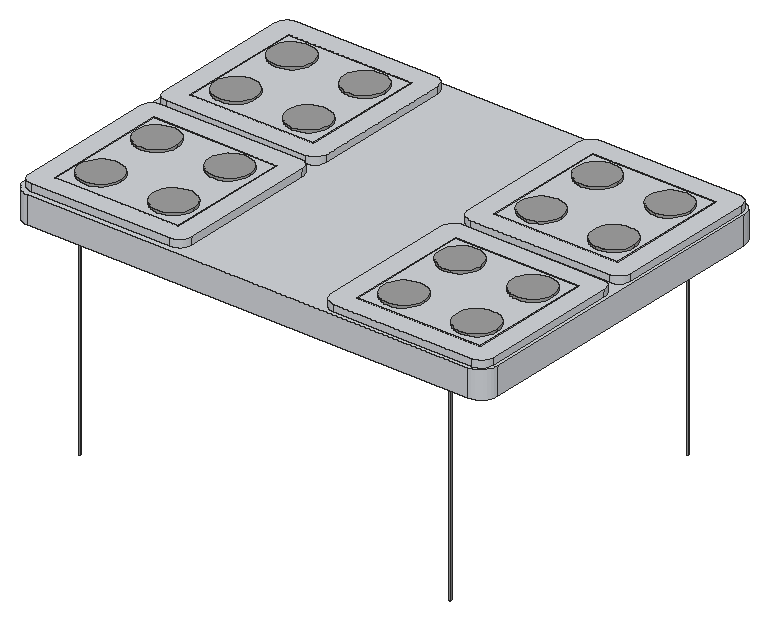
Revit family "Lighting-Industriale-GEWISS-SMART[4]HE_APPARECCHI-LED_EMERGENZA_4M", category Apparecchi per illuminazione, Revit 2019
Family settings
  Quota connettore circolare = Usa diametro
  Tipo di parte = Normale
  Numero OmniClass = 23.80.70.00
  Titolo OmniClass = Lighting
  Basato su piano di lavoro = Sì
  Sempre verticale = No
  Taglio con vuoti quando caricato = No
  Sorgente d'illuminazione = No
  Condiviso = No
  Punto di calcolo locali = No
Parameters (values of type "GWS4424AQ857 - SMART4HB 4M EMERG ELL.57K")
  Voltaggio = 230 V
  Viti esterne = "Acciaio inox"
  Versione file RFA = "20.11"
  Vano di alimentazione = "Integrato"
  URL = "https://www.gewiss.com/it/it"
  Tolleranza cromatica = "SDCM = 3"
  Tipologia sorgente luminosa = "LED - Non sostituibile"
  Tipo di installazione e montaggio = "Plafone - Sospensione"
  Tipo di apparecchio = "Riflettore industriale a LED"
  Tensione di alimentazione = "220 - 240 V"
  Temperatura di stoccaggio = "-40 +70 °C"
  Temperatura di esercizio = "0 ÷ +40 °C"
  Temperatura di colore = "5700K"
  Superficie massima esposta al vento : = "0,390 m²"
  Spostamento_y_etichetta [instance] = 0 mm
  Spostamento_y_effettivo_etichetta [instance] = 1500 mm - Spostamento_y_etichetta  # 1500 mm
  Spostamento_x_etichetta [instance] = 0 mm
  Spostamento_x_effettivo_etichetta [instance] = 1500 mm - Spostamento_x_etichetta  # 1500 mm
  SostituibilitÃ  piastra di cablaggio = "Solo batteria NiMh"
  SostituibilitÃ  gruppo ottico = "Non sostituibile"
  Sistema di controllo = "2 x DALI DT6 + 1 x DALI DT1 (Emerg. 3h)"
  Schermo = "Vetro Temprato Spessore 4mm"
  Scheda Tecnica = "https://www.gewiss.com/it/it/search?q=GWS4424AQ857"
  Resistenza al filo incandescente = "850 °C"
  Resistenza agli urti = "IK08"
  Produttore = "GEWISS S.p.A."
  Potenza assorbita : = "189 W (+5W Emerg.)"
  Peso (kg): = "15"
  Ottica = "Ellittica"
  Offset etichetta W [instance] = 150 mm
  Norma di riferimento = "EN 60598-2-22 ; EN 60598-1 ; EN 60598-2-24"
  Modello = "GWS4424AQ857"
  Materiali = "-"
  Lampada = "LED"
  Installazione e manutenzione = "-"
  Informazioni generali = "-"
  Indice di resa cromatica = "CRI-80"
  Inclinazione = "-"
  Immagine tipo = GWL1371.jpg
  IPEA = "-"
  IFC.TypeObject = ""
  IFC.ExportType = ""
  IFC.ExportAs = ""
  IDT = "1adfa9cf797d4895a1fab49bc89e804b"
  IDF = "a6214cc1-27ff-45b2-8af4-b6419296a538"
  Guarnizioni = "tipo siliconico antinvecchiamento "
  Gruppo ottico = "Riflettore in PC metallizzato e lenti in PMMA"
  Grado di protezione = "IP65"
  Garanzia = "5 anni"
  Gancio di chiusura = "-"
  Frequenza nominale (Hz) = "50/60 Hz"
  Flusso luminoso apparecchio (lm) = "25100 (750 Emerg.)"
  Fissaggio = "-"
  Finitura colore = "Grigio RAL 7035"
  Etichetta wattaggio [instance] = yes
  Spessore plafoniera = 40 mm  # constant formula
  Default Elevation = 1219.2 mm
  Proiettsmart4_simb [instance] = yes
  Plafoniera_bidimensionale [instance] = not(Proiettsmart4_simb)  # no
  Efficienza luminosa (lm/W) = "129"
  Durata di vita = "L90B10 (Tq+25°C) = 100.000 h - L90B10 (Tq+50°C) = 50.000 h"
  Dispositivo di protezione = "DM 6 kV / CM 10 kV"
  Descrizione = "SMART[4]HB 4M EMERG ELL.57K"
  Creato da GEWISS S.p.A. = ""
  Corpo = "PA6 “Halogen Free” caricato fibra vetro"
  Controllo abbagliamento e luminanza = "-"
  Contesto = "Illuminazione di industrie e impianti sportivi di grandi dimensioni"
  Commenti sul wattaggio = "194W"
  Colore = "Grigio RAL 7035"
  Codice digitale univoco (Datamatrix) = "Datamatrix"
  Codice Electrocod = "2444"
  Classificazione: = "-"
  Classificazione = Lighting
  Classe isolamento = "I"
  Classe fotobiologica = "RG0"
  Certificazioni e classificazioni = "-"
  Certificazione DIN 18032-3 = "-"
  Catalogo = "LIGHTING"
  Carico apparente = 194 VA
  Lunghezza = 700 mm  # constant formula
  Larghezza = 504 mm  # constant formula
  Distanza_tot_plafoniera [instance] = 300 mm
  Distanza Sorg_Lum = 21.458 mm
  Caratteristiche ottiche e illuminotecniche = "-"
  Caratteristiche elettriche e gestione della luce = "-"
  Cablaggio = "Con connettore stagno Gw connect"
  COBie.Tagnumber = ""
  COBie.CreatedOn = ""
  COBie.CreatebBy = ""
  COBie.ComponentRegisterItemID = ""
  COBie.Component.TagNumber = ""
  COBie.Component.Space = ""
  COBie.Component.SerialNumber = ""
  COBie.Component.InstallationDate = ""
  COBie.Component.Description = ""
  COBie.Component.BarCode = ""
  Applicazione = "Interno"
  Apparecchio a ridotta temperatura superficiale = "Si"
  Alimentatore = "Incluso"
Types (18, lengths in mm): name | Temperatura di colore | Sistema di controllo | Scheda Tecnica | Ottica | Modello | IDT | Gruppo ottico | Flusso luminoso apparecchio (lm) | Efficienza luminosa (lm/W) | Descrizione | Controllo abbagliamento e luminanza
  GWS4424AF830 - SMART4HB 4M EMERG 30° 30K | "3000K" | "2 x DALI DT6 + 1 x DALI DT1 (Emerg. 3h)" | "https://www.gewiss.com/it/it/search?q=GWS4424AF830" | "30°" | "GWS4424AF830" | "f45d6d831ac548db855c4f1aa7820c72" | "Riflettore in PC metallizzato e lenti in PMMA" | "26400 (810 Emerg.)" | "136" | "SMART[4]HB 4M EMERG 30° 30K" | "UGR - 19"
  GWS4424AF840 - SMART4HB 4M EMERG 30° 40K | "4000K" | "2 x DALI DT6 + 1 x DALI DT1 (Emerg. 3h)" | "https://www.gewiss.com/it/it/search?q=GWS4424AF840" | "30°" | "GWS4424AF840" | "b457ad9b2ffb4fc692e71463a0755cbf" | "Riflettore in PC metallizzato e lenti in PMMA" | "27700 (850 Emerg.)" | "143" | "SMART[4]HB 4M EMERG 30° 40K" | "UGR - 19"
  GWS4424AF857 - SMART4HB 4M EMERG 30° 57K | "5700K" | "2 x DALI DT6 + 1 x DALI DT1 (Emerg. 3h)" | "https://www.gewiss.com/it/it/search?q=GWS4424AF857" | "30°" | "GWS4424AF857" | "892408308b964565ab6fdbc419a326b9" | "Riflettore in PC metallizzato e lenti in PMMA" | "27700 (850 Emerg.)" | "143" | "SMART[4]HB 4M EMERG 30° 57K" | "UGR - 19"
  GWS4424AH830 - SMART4HB 4M EMERG 60° 30K | "3000K" | "2 x DALI DT6 + 1 x DALI DT1 (Emerg. 3h)" | "https://www.gewiss.com/it/it/search?q=GWS4424AH830" | "60°" | "GWS4424AH830" | "8551b52580a244ecb20d189173bddff9" | "Riflettore in PC metallizzato e lenti in PMMA" | "26800 (810 Emerg.)" | "138" | "SMART[4]HB 4M EMERG 60° 30K" | "UGR - 19"
  GWS4424AH840 - SMART4HB 4M EMERG 60° 40K | "4000K" | "2 x DALI DT6 + 1 x DALI DT1 (Emerg. 3h)" | "https://www.gewiss.com/it/it/search?q=GWS4424AH840" | "60°" | "GWS4424AH840" | "f777883d11b441a2ad5cf0a67e6d171e" | "Riflettore in PC metallizzato e lenti in PMMA" | "28100 (850 Emerg.)" | "145" | "SMART[4]HB 4M EMERG 60° 40K" | "UGR - 19"
  GWS4424AH857 - SMART4HB 4M EMERG 60° 57K | "5700K" | "2 x DALI DT6 + 1 x DALI DT1 (Emerg. 3h)" | "https://www.gewiss.com/it/it/search?q=GWS4424AH857" | "60°" | "GWS4424AH857" | "6f3596e650114c3da0338a362b6f0903" | "Riflettore in PC metallizzato e lenti in PMMA" | "28100 (850 Emerg.)" | "145" | "SMART[4]HB 4M EMERG 60° 57K" | "UGR - 19"
  GWS4424AP830 - SMART4HB 4M EMERG 90° 30K | "3000K" | "2 x DALI DT6 + 1 x DALI DT1 (Emerg. 3h)" | "https://www.gewiss.com/it/it/search?q=GWS4424AP830" | "90°" | "GWS4424AP830" | "1fe20f014f7344988026cf9d1557adbe" | "Riflettore in PC metallizzato e lenti in PMMA" | "27000 (810 Emerg.)" | "139" | "SMART[4]HB 4M EMERG 90° 30K" | "UGR - 22"
  GWS4424AP840 - SMART4HB 4M EMERG 90° 40K | "4000K" | "2 x DALI DT6 + 1 x DALI DT1 (Emerg. 3h)" | "https://www.gewiss.com/it/it/search?q=GWS4424AP840" | "90°" | "GWS4424AP840" | "be8534fa63e445adaded6c0285676ba1" | "Riflettore in PC metallizzato e lenti in PMMA" | "28300 (850 Emerg.)" | "146" | "SMART[4]HB 4M EMERG 90° 40K" | "UGR - 22"
  GWS4424AP857 - SMART4HB 4M EMERG 90° 57K | "5700K" | "2 x DALI DT6 + 1 x DALI DT1 (Emerg. 3h)" | "https://www.gewiss.com/it/it/search?q=GWS4424AP857" | "90°" | "GWS4424AP857" | "826d5be82a0c4e84aba98d9d2a7d1379" | "Riflettore in PC metallizzato e lenti in PMMA" | "28300 (850 Emerg.)" | "146" | "SMART[4]HB 4M EMERG 90° 57K" | "UGR - 22"
  GWS4424AA830 - SMART4HB 4M EMERG ARR.30K | "3000K" | "1 x DALI DT6 + 1 x DALI DT1 (Emerg. 3h)" | "https://www.gewiss.com/it/it/search?q=GWS4424AA830" | "Array" | "GWS4424AA830" | "4567208188b94363bb2cdd9c83872ac7" | "Riflettore in PC metallizzato" | "26700 (810 Emerg.)" | "138" | "SMART[4]HB 4M EMERG ARR.30K" | "UGR - 25"
  GWS4424AA840 - SMART4HB 4M EMERG ARR.40K | "4000K" | "2 x DALI DT6 + 1 x DALI DT1 (Emerg. 3h)" | "https://www.gewiss.com/it/it/search?q=GWS4424AA840" | "Array" | "GWS4424AA840" | "5bd31d7bd4e148d7888e7074d35043d9" | "Riflettore in PC metallizzato" | "28000 (850 Emerg.)" | "144" | "SMART[4]HB 4M EMERG ARR.40K" | "UGR - 25"
  GWS4424AA857 - SMART4HB 4M EMERG ARR.57K | "5700K" | "2 x DALI DT6 + 1 x DALI DT1 (Emerg. 3h)" | "https://www.gewiss.com/it/it/search?q=GWS4424AA857" | "Array" | "GWS4424AA857" | "d52abd8b615b4e77b3ba5a9bc5b24d43" | "Riflettore in PC metallizzato" | "28000 (850 Emerg.)" | "144" | "SMART[4]HB 4M EMERG ARR.57K" | "UGR - 25"
  GWS4424AC830 - SMART4HB 4M EMERG ASI.30K | "3000K" | "2 x DALI DT6 + 1 x DALI DT1 (Emerg. 3h)" | "https://www.gewiss.com/it/it/search?q=GWS4424AC830" | "Asimmetrica" | "GWS4424AC830" | "9b6c4dacea0f43cb8474a1626cc54fb1" | "Riflettore in PC metallizzato e lenti in PMMA" | "23900 (710 Emerg.)" | "123" | "SMART[4]HB 4M EMERG ASI.30K" | "-"
  GWS4424AC840 - SMART4HB 4M EMERG ASI.40K | "4000K" | "2 x DALI DT6 + 1 x DALI DT1 (Emerg. 3h)" | "https://www.gewiss.com/it/it/search?q=GWS4424AC840" | "Asimmetrica" | "GWS4424AC840" | "ff9988bd215744bbb5b3d4ff7b234d06" | "Riflettore in PC metallizzato e lenti in PMMA" | "25100 (750 Emerg.)" | "129" | "SMART[4]HB 4M EMERG ASI.40K" | "-"
  GWS4424AC857 - SMART4HB 4M EMERG ASI.57K | "5700K" | "2 x DALI DT6 + 1 x DALI DT1 (Emerg. 3h)" | "https://www.gewiss.com/it/it/search?q=GWS4424AC857" | "Asimmetrica" | "GWS4424AC857" | "7353f4f9e89641fd9d0f3864277c1089" | "Riflettore in PC metallizzato e lenti in PMMA" | "25100 (750 Emerg.)" | "129" | "SMART[4]HB 4M EMERG ASI.57K" | "-"
  GWS4424AQ830 - SMART4HB 4M EMERG ELL.30K | "3000K" | "2 x DALI DT6 + 1 x DALI DT1 (Emerg. 3h)" | "https://www.gewiss.com/it/it/search?q=GWS4424AQ830" | "Ellittica" | "GWS4424AQ830" | "d8be7f5233584710a5c6c54620f75317" | "Riflettore in PC metallizzato e lenti in PMMA" | "23900 (710 Emerg.)" | "123" | "SMART[4]HB 4M EMERG ELL.30K" | "-"
  GWS4424AQ840 - SMART4HB 4M EMERG ELL.40K | "4000K" | "2 x DALI DT6 + 1 x DALI DT1 (Emerg. 3h)" | "https://www.gewiss.com/it/it/search?q=GWS4424AQ840" | "Ellittica" | "GWS4424AQ840" | "6b6cca2222e7401bb119f0d3f1e734a1" | "Riflettore in PC metallizzato e lenti in PMMA" | "25100 (750 Emerg.)" | "129" | "SMART[4]HB 4M EMERG ELL.40K" | "-"
  GWS4424AQ857 - SMART4HB 4M EMERG ELL.57K | "5700K" | "2 x DALI DT6 + 1 x DALI DT1 (Emerg. 3h)" | "https://www.gewiss.com/it/it/search?q=GWS4424AQ857" | "Ellittica" | "GWS4424AQ857" | "1adfa9cf797d4895a1fab49bc89e804b" | "Riflettore in PC metallizzato e lenti in PMMA" | "25100 (750 Emerg.)" | "129" | "SMART[4]HB 4M EMERG ELL.57K" | "-"
Reference planes
  plane 1 "Asse sorgente illuminazione (F/B)": y = 0
  plane 2 "2": z = 0
  plane 3 "Asse sorgente illuminazione (L/R)": x = 0
  plane 4 "Prospetto sorgente di illuminazione": z = 1500
  plane 5: x = -350
  plane 6: y = 252
  plane 7: x = 350
  plane 8: y = -252
  plane 9: x = 345
  plane 10: x = -345
  plane 11: x = -104.5
  plane 12: x = 104.5
  plane 13: y = 0
  plane 14: y = -1500
  plane 15: z = 300
  plane 16: z = 340
  plane 17: z = 350
  plane 18: x = -1500
  plane 19: x = 0
  plane 20: y = 0
Dimensions and locks
  equal spacing: plane 6, plane 1 "Asse sorgente illuminazione (F/B)", plane 8
  "Larghezza": plane 6 to plane 8
  equal spacing: plane 5, plane 3 "Asse sorgente illuminazione (L/R)", plane 7
  "Lunghezza": plane 5 to plane 7
  locked: plane 5 to plane 10 at 5
  locked: plane 9 to plane 7 at 5
  locked: plane 16 to plane 15 at 40
  plane 17 to plane 16 = 10 mm
  "Distanza_tot_plafoniera": plane 15 to plane 2 "2"
  plane 18 to plane 3 "Asse sorgente illuminazione (L/R)" = 1500 mm
  plane 1 "Asse sorgente illuminazione (F/B)" to plane 14 = 1500 mm
  "Spostamento_y_effettivo_etichetta": plane 20 to plane 14
  "Spostamento_x_effettivo_etichetta": plane 18 to plane 19
  aligned and locked: level to plane 2 "2"
  aligned and locked: plane 5 to nested 1
  aligned and locked: plane 6 to nested 1
  aligned and locked: plane 9 to nested 2  (x2)
  aligned and locked: plane 10 to nested 12
  aligned and locked: nested 1 to plane 15
  aligned and locked: nested 17 to plane 16
  aligned and locked: plane 16 to nested 12
  aligned and locked: plane 16 to nested 7
  aligned and locked: nested 2 to plane 16
  aligned and locked: plane 17 to nested 19
  aligned and locked: nested 21 to plane 17
  aligned and locked: plane 17 to nested 16
  aligned and locked: nested 14 to plane 17
  aligned and locked: plane 17 to nested 18
  aligned and locked: nested 20 to plane 17
  aligned and locked: plane 17 to nested 15
  aligned and locked: nested 13 to plane 17
  aligned and locked: nested 8 to plane 17
  aligned and locked: plane 17 to nested 10
  aligned and locked: nested 5 to plane 17
  aligned and locked: plane 17 to nested 3
  aligned and locked: nested 9 to plane 17
  aligned and locked: plane 17 to nested 11
  aligned and locked: nested 6 to plane 17
  aligned and locked: plane 17 to nested 4
  aligned and locked: nested 22 to plane 2 "2"
  aligned and locked: nested 23 to plane 2 "2"
  aligned and locked: nested 24 to plane 2 "2"
  aligned and locked: nested 25 to plane 2 "2"
  aligned and locked: nested 28 to plane 20
  aligned and locked: nested 28 to plane 19
Nested families
  nested 1: "Struttura_SMART 4" at (0, 0, 340), type "SMART 4 HB - 4 x 4L"
  nested 2: "mascherina_SMART (4)" at (225, 127, 350), type "Maschera_smart (4) 4L", detail levels fine
  nested 3: "Gewis - Led" at (172.217, 179, 353), type "Gewis - Led", detail levels medium+fine
  nested 4: "Gewis - Led" at (280, 179, 353), type "Gewis - Led", detail levels medium+fine
  nested 5: "Gewis - Led" at (172.217, 75, 353), type "Gewis - Led", detail levels medium+fine
  nested 6: "Gewis - Led" at (280, 75, 353), type "Gewis - Led", detail levels medium+fine
  nested 7: "mascherina_SMART (4)" at (225, -127, 350), type "Maschera_smart (4) 4L", detail levels fine
  nested 8: "Gewis - Led" at (172.217, -179, 353), type "Gewis - Led", detail levels medium+fine
  nested 9: "Gewis - Led" at (280, -179, 353), type "Gewis - Led", detail levels medium+fine
  nested 10: "Gewis - Led" at (172.217, -75, 353), type "Gewis - Led", detail levels medium+fine
  nested 11: "Gewis - Led" at (280, -75, 353), type "Gewis - Led", detail levels medium+fine
  nested 12: "mascherina_SMART (4)" at (-225, 127, 350) x (-1, 0, 0) z (0, 0, 1), type "Maschera_smart (4) 4L", detail levels fine
  nested 13: "Gewis - Led" at (-172.217, 179, 353) x (-1, 0, 0) z (0, 0, 1), type "Gewis - Led", detail levels medium+fine
  nested 14: "Gewis - Led" at (-280, 179, 353) x (-1, 0, 0) z (0, 0, 1), type "Gewis - Led", detail levels medium+fine
  nested 15: "Gewis - Led" at (-172.217, 75, 353) x (-1, 0, 0) z (0, 0, 1), type "Gewis - Led", detail levels medium+fine
  nested 16: "Gewis - Led" at (-280, 75, 353) x (-1, 0, 0) z (0, 0, 1), type "Gewis - Led", detail levels medium+fine
  nested 17: "mascherina_SMART (4)" at (-225, -123, 350) x (-1, 0, 0) z (0, 0, 1), type "Maschera_smart (4) 4L", detail levels fine
  nested 18: "Gewis - Led" at (-172.217, -175, 353) x (-1, 0, 0) z (0, 0, 1), type "Gewis - Led", detail levels medium+fine
  nested 19: "Gewis - Led" at (-280, -175, 353) x (-1, 0, 0) z (0, 0, 1), type "Gewis - Led", detail levels medium+fine
  nested 20: "Gewis - Led" at (-172.217, -71, 353) x (-1, 0, 0) z (0, 0, 1), type "Gewis - Led", detail levels medium+fine
  nested 21: "Gewis - Led" at (-280, -71, 353) x (-1, 0, 0) z (0, 0, 1), type "Gewis - Led", detail levels medium+fine
  nested 22: "Sospensione_ SMART LAB 4" at (274.338, -220.687, 0), Altezza sospensione <- "Distanza_tot_plafoniera", type "Sospensione_ SMART LAB 4"
    with Altezza sospensione 300 mm
  nested 23: "Sospensione_ SMART LAB 4" at (274.338, 219.313, 0), Altezza sospensione <- "Distanza_tot_plafoniera", type "Sospensione_ SMART LAB 4"
    with Altezza sospensione 300 mm
  nested 24: "Sospensione_ SMART LAB 4" at (-274.338, -220.687, 0), Altezza sospensione <- "Distanza_tot_plafoniera", type "Sospensione_ SMART LAB 4"
    with Altezza sospensione 300 mm
  nested 25: "Sospensione_ SMART LAB 4" at (-274.338, 219.313, 0), Altezza sospensione <- "Distanza_tot_plafoniera", type "Sospensione_ SMART LAB 4"
    with Altezza sospensione 300 mm
  nested 26: "Rappr_ bidimensionale" at (0, 0, 0), visible <- "Plafoniera_bidimensionale", type "4 X4 LED"
  nested 27: "PROIETTSMART - 4" at (0, 0, 0), visible <- "Proiettsmart4_simb", type "PROIETTSMART - 4"
  nested 28: "ETICHETTA LIGHT" at (0, 0, 0), type "ETICHETTA LIGHT"
Connectors
  electrical at (0.009, -0.098, 300), driven by "Classificazione", driven by "Carico apparente"
    settings: on nested 1, index 1, voltage 230 V, apparent load 0 VA, apparent load phase1 194 VA, apparent load phase2 0 VA, apparent load phase3 0 VA, power factor 1, load classification "Lighting", number of poles 2, system type 31, power factor state 1, is connector primary yes, connector utility no, sub classification motor no, connector description ""
Definition of nested family "Struttura_SMART 4"
  Parameters (values of type "SMART 4 HB - 4 x 4L")
    Struttura plafoniera = none
    Spessore_plafoniera = 40 mm
    Lunghezza = 700 mm
    Larghezza = 504 mm
  Types (2, lengths in mm): name | Lunghezza | Larghezza
    SMART 4 HB - 4+4L | 699 | 254
    SMART 4 HB - 4 x 4L | 700 | 504
  Reference planes
    plane 1 "Asse sorgente illuminazione (F/B)": y = 0
    plane 2: z = 0
    plane 3 "Asse sorgente illuminazione (L/R)": x = 0
    plane 4 "Prospetto sorgente di illuminazione": z = -40
    plane 5 "SX": x = -350
    plane 6 "DX": x = 350
    plane 7 "DIETRO": y = 252
    plane 8 "AVANTI": y = -252
    plane 9: x = 107
    plane 10: x = 339
    plane 11: y = -241
    plane 12: y = 241
    plane 13: x = -339
    plane 14: x = -107
  Forms (mm)
    Extrusion 1, solid, material <- "Struttura plafoniera"
      sketch origin (0, 0, 0) x (1, 0, 0) y (0, 1, 0)
        loop
          line (350, -227.595) -> (350, 227.59)
          arc (350, 227.59) -> (342.85, 244.85) -> (325.59, 252) r 24.41
          line (325.59, 252) -> (-325.509, 252)
          arc (-325.509, 252) -> (-343.054, 244.6) -> (-350, 226.871) r 24.499
          line (-350, 226.871) -> (-350, -227.592)
          arc (-350, -227.592) -> (-342.851, -244.851) -> (-325.592, -252) r 24.408
          line (-325.592, -252) -> (325.617, -252)
          arc (325.617, -252) -> (342.834, -244.868) -> (349.965, -227.652) r 24.348
      from -40 to 0
  Dimensions and locks
    equal spacing: plane 5 "SX", plane 3 "Asse sorgente illuminazione (L/R)", plane 6 "DX"
    equal spacing: plane 7 "DIETRO", plane 1 "Asse sorgente illuminazione (F/B)", plane 8 "AVANTI"
    "Lunghezza": plane 5 "SX" to plane 6 "DX"
    "Larghezza": plane 7 "DIETRO" to plane 8 "AVANTI"
    locked: plane 7 "DIETRO" to plane 12 at 11
    locked: plane 11 to plane 8 "AVANTI" at 11
    locked: plane 10 to plane 6 "DX" at 11
    locked: plane 9 to plane 10 at 232
    plane 13 to plane 14 = 232 mm
    locked: plane 5 "SX" to plane 13 at 11
    "Spessore_plafoniera": plane 2 to plane 4 "Prospetto sorgente di illuminazione"
    aligned and locked: level to plane 2
    aligned and locked: Extrusion 1 to plane 5 "SX"
    aligned and locked: Extrusion 1 to plane 8 "AVANTI"  (x2)
    aligned and locked: plane 7 "DIETRO" to Extrusion 1
    aligned and locked: plane 6 "DX" to Extrusion 1
    aligned and locked: plane 4 "Prospetto sorgente di illuminazione" to Extrusion 1
    aligned and locked: plane 2 to Extrusion 1
  Automatic sketch dimensions
    Extrusion 1 sketch curve to plane 5 "SX" = 0 mm
    Extrusion 1 sketch curve to plane 8 "AVANTI" = 0 mm
    Extrusion 1 sketch curve to plane 7 "DIETRO" = 0 mm
    Extrusion 1 sketch curve to plane 6 "DX" = 0 mm
    plane 13 to Extrusion 1 sketch curve = 13.408 mm
    plane 13 to Extrusion 1 sketch curve = 13.491 mm
    Extrusion 1 sketch curve to plane 10 = 13.41 mm
    Extrusion 1 sketch curve to plane 10 = 13.383 mm
    plane 11 to Extrusion 1 sketch curve = 13.348 mm
    Extrusion 1 sketch curve to plane 12 = 14.129 mm
    Extrusion 1 sketch curve to Extrusion 1 sketch curve = 0.056 mm
Definition of nested family "mascherina_SMART (4)"
  Parameters (values of type "Maschera_smart (4) 4L")
    Spessore_mascherina = 10 mm
    Default Elevation = 1219.2 mm
    N.intarsi = (Lunghezza_mascherina - (Bordo * 2)) / 15 mm  # 12
    N._intarsi verticale = (Larghezza_mascherina - (Bordo * 2)) / 17 mm  # 11
    Mascherina = none
    Lunghezza_mascherina = 240 mm
    Larghezza_mascherina = 240 mm
    Distanza_intarsi v. = 41 mm  # constant formula
    Distanza_intarsi = 37 mm  # constant formula
    Bordo = 29 mm
  Reference planes
    plane 1 "Centro (Fronte/Retro)": y = 0
    plane 2: z = 0
    plane 3 "Centro (Sinistra/Destra)": x = 0
    plane 4: x = -120
    plane 5 "Dietro": y = 120
    plane 6: x = 120
    plane 7: y = -120
    plane 8: x = -91
    plane 9: y = -91
    plane 10: x = 91
    plane 11: y = 91
    plane 12: x = -83
    plane 13: y = 94.742
    plane 14: y = -95
    plane 15: z = -10
    plane 16: x = -95
    plane 17: y = 79
    plane 18: y = -79
    plane 19: x = 95
    plane 20: z = -4.799
  Forms (mm)
    Extrusion 1, solid, material <- "Mascherina"
      sketch origin (0, 0, 0) x (1, 0, 0) y (0, 1, 0)
        loop
          arc (-102.5, 120) -> (-114.874, 114.874) -> (-120, 102.5) r 17.5
          line (-120, 102.5) -> (-120, -102.5)
          arc (-120, -102.5) -> (-114.874, -114.874) -> (-102.5, -120) r 17.5
          line (-102.5, -120) -> (102.5, -120)
          arc (102.5, -120) -> (114.874, -114.874) -> (120, -102.5) r 17.5
          line (120, -102.5) -> (120, 102.5)
          arc (120, 102.5) -> (114.874, 114.874) -> (102.5, 120) r 17.5
          line (102.5, 120) -> (-102.5, 120)
        loop
          line (-91, 91) -> (-91, -91) -> (91, -91) -> (91, 91) -> (-91, 91)
      from -10 to 0
    Extrusion 2, solid, material <- "Mascherina"
      sketch origin (0, 0, 0) x (1, 0, 0) y (0, 1, 0)
        loop
          line (-91, 91) -> (-91, -91) -> (91, -91) -> (91, 91) -> (-91, 91)
      from -4.799 to 0
  Dimensions and locks
    equal spacing: plane 4, plane 3 "Centro (Sinistra/Destra)", plane 6
    "Lunghezza_mascherina": plane 4 to plane 6
    equal spacing: plane 5 "Dietro", plane 1 "Centro (Fronte/Retro)", plane 7
    "Larghezza_mascherina": plane 5 "Dietro" to plane 7
    "Bordo": plane 4 to plane 8
    "Bordo": plane 9 to plane 7
    "Bordo": plane 5 "Dietro" to plane 11
    "Bordo": plane 10 to plane 6
    "Distanza_intarsi": plane 4 to plane 12
    locked: plane 13 to plane 11 at 3.742
    "Spessore_mascherina": plane 2 to plane 15
    "Distanza_intarsi v.": plane 5 "Dietro" to plane 17
    "Distanza_intarsi v.": plane 18 to plane 7
    locked: plane 9 to plane 14 at 4
    locked: plane 16 to plane 8 at 4
    locked: plane 10 to plane 19 at 4
    locked: plane 2 to plane 20 at 4.799
    radius of Extrusion 1 sketch curve = 17.5 mm  (x4)
    aligned and locked: level to plane 2
    aligned and locked: plane 4 to Extrusion 1 sketch curve
    aligned and locked: plane 6 to Extrusion 1 sketch curve
    aligned and locked: Extrusion 1 sketch curve to plane 5 "Dietro"
    aligned and locked: Extrusion 1 sketch curve to plane 7
    aligned and locked: Extrusion 1 sketch curve to plane 11
    aligned and locked: plane 8 to Extrusion 1 sketch curve
    aligned and locked: plane 9 to Extrusion 1 sketch curve
    aligned and locked: Extrusion 1 sketch curve to plane 10
    aligned and locked: plane 2 to Extrusion 1
    aligned and locked: Extrusion 1 to plane 15
    aligned and locked: Extrusion 2 sketch curve to plane 10
    aligned and locked: plane 9 to Extrusion 2 sketch curve
    aligned and locked: plane 8 to Extrusion 2 sketch curve
    aligned and locked: Extrusion 2 sketch curve to plane 11
    aligned and locked: plane 2 to Extrusion 2
    aligned and locked: Extrusion 2 to plane 20
Definition of nested family "Gewis - Led"
  Parameters (values of type "Gewis - Led")
    Vetro = none
    Raggio led = 30 mm
    Default Elevation = 1219.2 mm
    Estensione vetro = 3 mm
  Reference planes
    plane 1 "Centro (Fronte/Retro)": y = 0
    plane 2: z = 0
    plane 3 "Centro (Sinistra/Destra)": x = 0
  Forms (mm)
    Extrusion 1, solid, material <- "Vetro"
      sketch origin (0, 0, 0) x (1, 0, 0) y (0, 1, 0)
        loop
          circle (0, 0) r 30
      from -3 to 0
  Dimensions and locks
    "Estensione vetro": level to Extrusion 1
    "Raggio led": radius of Extrusion 1 sketch curve
    aligned and locked: level to plane 2
    aligned and locked: level to Extrusion 1
  Automatic sketch dimensions
    plane 1 "Centro (Fronte/Retro)" to Extrusion 1 sketch curve = 0 mm
    Extrusion 1 sketch curve to plane 3 "Centro (Sinistra/Destra)" = 0 mm
Definition of nested family "Sospensione_ SMART LAB 4"
  Parameters (values of type "Sospensione_ SMART LAB 4")
    Default Elevation = 1219.2 mm
    Altezza sospensione [instance] = 500 mm
  Reference planes
    plane 1 "Center (Front/Back)": y = 0
    plane 2: z = 0
    plane 3 "Center (Left/Right)": x = 0
    plane 4: z = 500
  Forms (mm)
    Extrusion 1, solid
      sketch origin (0, 0, 0) x (1, 0, 0) y (0, 1, 0)
        loop
          circle (0, -0.028) r 1.25
      from 0 to 500
  Lines and regions (mm)
    model lines, not visible
      curve 1: line (0, 0, 0) -> (0, 0, 9.482)
  Dimensions and locks
    "Altezza sospensione": plane 4 to level
    plane 4 to plane 2 = 500 mm
    aligned and locked: level to plane 2
    aligned and locked: plane 4 to Extrusion 1
    aligned and locked: Extrusion 1 to plane 2
  Automatic sketch dimensions
    Extrusion 1 sketch curve to plane 3 "Center (Left/Right)" = 0 mm
    plane 1 "Center (Front/Back)" to Extrusion 1 sketch curve = 0.028 mm
    curve 1 to plane 3 "Center (Left/Right)" = 0 mm
    curve 1 to level = 0 mm
    curve 1 to curve 1 = 9.482 mm
    radius of Extrusion 1 sketch curve = 1.25 mm
Definition of nested family "Rappr_ bidimensionale"
  Parameters (values of type "4 X4 LED")
    5 LED = no
    4 LED = not([5 LED])  # yes
  Reference planes
    plane 1 "Centro (Fronte/Retro)": y = 0
    plane 2: z = 0
    plane 3 "Centro (Sinistra/Destra)": x = 0
  Lines and regions (mm)
    model lines, in view "Livello rif.", visible <- "4 LED"
      curve 1: circle (176.124, 171.566, 0) r 28.619 normal (0, 0, 1)
      curve 2: circle (270.124, 77.566, 0) r 28.619 normal (0, 0, 1)
      curve 3: circle (176.124, 77.566, 0) r 28.619 normal (0, 0, 1)
      curve 4: circle (270.124, 171.566, 0) r 28.619 normal (0, 0, 1)
      curve 5: circle (-175.025, 77.434, 0) r 28.619 normal (0, 0, 1)
      curve 6: circle (-269.025, 171.434, 0) r 28.619 normal (0, 0, 1)
      curve 7: circle (-175.025, 171.434, 0) r 28.619 normal (0, 0, 1)
      curve 8: circle (-269.025, 77.434, 0) r 28.619 normal (0, 0, 1)
      curve 9: circle (-175.025, -171.611, 0) r 28.619 normal (0, 0, 1)
      curve 10: circle (-269.025, -77.611, 0) r 28.619 normal (0, 0, 1)
      curve 11: circle (-175.025, -77.611, 0) r 28.619 normal (0, 0, 1)
      curve 12: circle (-269.025, -171.611, 0) r 28.619 normal (0, 0, 1)
      curve 13: circle (176.124, -77.434, 0) r 28.619 normal (0, 0, 1)
      curve 14: circle (270.124, -171.434, 0) r 28.619 normal (0, 0, 1)
      curve 15: circle (176.124, -171.434, 0) r 28.619 normal (0, 0, 1)
      curve 16: circle (270.124, -77.434, 0) r 28.619 normal (0, 0, 1)
    model lines, in view "Livello rif."
      curve 17: arc (-326.07, 251.865, 0) -> (-342.562, 245.006, 0) -> (-349.39, 228.5, 0) r 23.365
      curve 18: arc (350.489, 228.546, 0) -> (343.613, 245.054, 0) -> (327.079, 251.865, 0) r 23.365
      curve 19: arc (327.098, -251.865, 0) -> (343.653, -245.015, 0) -> (350.489, -228.454, 0) r 23.365
      curve 20: arc (-349.39, -228.5, 0) -> (-342.555, -245.013, 0) -> (-326.05, -251.865, 0) r 23.365
      curve 21: arc (-102.728, -20.5, 0) -> (-107.214, -9.678, 0) -> (-118.041, -5.203, 0) r 15.297
      curve 22: arc (-118.041, 5.203, 0) -> (-107.214, 9.678, 0) -> (-102.728, 20.5, 0) r 15.297
      curve 23: arc (-118.041, -243.797, 0) -> (-107.214, -239.322, 0) -> (-102.728, -228.5, 0) r 15.297
      curve 24: arc (327.107, 5.203, 0) -> (337.947, 9.69, 0) -> (342.421, 20.535, 0) r 15.297
      curve 25: arc (103.827, 20.465, 0) -> (108.314, 9.677, 0) -> (119.107, 5.203, 0) r 15.297
      curve 26: arc (119.089, 243.797, 0) -> (108.308, 239.316, 0) -> (103.827, 228.535, 0) r 15.297
      curve 27: arc (342.421, 228.535, 0) -> (337.916, 239.341, 0) -> (327.089, 243.797, 0) r 15.297
      curve 28: arc (-341.321, 20.535, 0) -> (-336.859, 9.702, 0) -> (-326.041, 5.203, 0) r 15.297
      curve 29: arc (-326.059, 243.797, 0) -> (-336.865, 239.292, 0) -> (-341.321, 228.465, 0) r 15.297
      curve 30: arc (-102.728, 228.5, 0) -> (-107.22, 239.329, 0) -> (-118.059, 243.797, 0) r 15.297
      curve 31: arc (342.421, -20.465, 0) -> (337.922, -9.666, 0) -> (327.107, -5.203, 0) r 15.297
      curve 32: arc (327.107, -243.797, 0) -> (337.947, -239.31, 0) -> (342.421, -228.465, 0) r 15.297
      curve 33: arc (103.827, -228.535, 0) -> (108.314, -239.323, 0) -> (119.107, -243.797, 0) r 15.297
      curve 34: arc (119.107, -5.203, 0) -> (108.314, -9.677, 0) -> (103.827, -20.465, 0) r 15.297
      curve 35: arc (-341.321, -228.465, 0) -> (-336.859, -239.298, 0) -> (-326.041, -243.797, 0) r 15.297
      curve 36: arc (-326.041, -5.203, 0) -> (-336.859, -9.702, 0) -> (-341.321, -20.535, 0) r 15.297
      curve 37: line (130.624, 32, 0) -> (130.624, 217, 0)
      curve 38: line (130.624, 217, 0) -> (315.624, 217, 0)
      curve 39: line (315.624, 217, 0) -> (315.624, 32, 0)
      curve 40: line (315.624, 32, 0) -> (130.624, 32, 0)
      curve 41: line (-129.525, 32, 0) -> (-314.525, 32, 0)
      curve 42: line (-314.525, 32, 0) -> (-314.525, 217, 0)
      curve 43: line (-314.525, 217, 0) -> (-129.525, 217, 0)
      curve 44: line (-129.525, 217, 0) -> (-129.525, 32, 0)
      curve 45: line (-129.525, -217.045, 0) -> (-314.525, -217.045, 0)
      curve 46: line (-314.525, -217.045, 0) -> (-314.525, -32.045, 0)
      curve 47: line (-314.525, -32.045, 0) -> (-129.525, -32.045, 0)
      curve 48: line (-129.525, -32.045, 0) -> (-129.525, -217.045, 0)
      curve 49: line (130.624, -217, 0) -> (130.624, -32, 0)
      curve 50: line (130.624, -32, 0) -> (315.624, -32, 0)
      curve 51: line (315.624, -32, 0) -> (315.624, -217, 0)
      curve 52: line (315.624, -217, 0) -> (130.624, -217, 0)
      curve 53: line (-349.39, 228.5, 0) -> (-349.39, -228.5, 0)
      curve 54: line (327.079, 251.865, 0) -> (-326.07, 251.865, 0)
      curve 55: line (350.489, -228.454, 0) -> (350.489, 228.546, 0)
      curve 56: line (327.098, -251.865, 0) -> (-326.05, -251.865, 0)
      curve 57: line (-102.728, -228.5, 0) -> (-102.728, -20.5, 0)
      curve 58: line (-326.041, -5.203, 0) -> (-118.041, -5.203, 0)
      curve 59: line (-102.728, 20.5, 0) -> (-102.728, 228.5, 0)
      curve 60: line (-326.041, 5.203, 0) -> (-118.041, 5.203, 0)
      curve 61: line (119.107, 5.203, 0) -> (327.107, 5.203, 0)
      curve 62: line (103.827, 20.465, 0) -> (103.827, 228.535, 0)
      curve 63: line (119.089, 243.797, 0) -> (327.089, 243.797, 0)
      curve 64: line (342.421, 20.535, 0) -> (342.421, 228.535, 0)
      curve 65: line (-341.321, 20.535, 0) -> (-341.321, 228.465, 0)
      curve 66: line (-326.059, 243.797, 0) -> (-118.059, 243.797, 0)
      curve 67: line (119.107, -5.203, 0) -> (327.107, -5.203, 0)
      curve 68: line (342.421, -228.465, 0) -> (342.421, -20.465, 0)
      curve 69: line (119.107, -243.797, 0) -> (327.107, -243.797, 0)
      curve 70: line (103.827, -228.535, 0) -> (103.827, -20.465, 0)
      curve 71: line (-326.041, -243.797, 0) -> (-118.041, -243.797, 0)
      curve 72: line (-341.321, -228.465, 0) -> (-341.321, -20.535, 0)
    detail lines, in view "Livello rif.", visible <- "5 LED"
      curve 73: circle (-223.979, 122.48, 0) r 28.619 normal (0, 0, 1)
      curve 74: circle (-175.025, 77.434, 0) r 28.619 normal (0, 0, 1)
      curve 75: circle (-269.025, 171.434, 0) r 28.619 normal (0, 0, 1)
      curve 76: circle (-175.025, 171.434, 0) r 28.619 normal (0, 0, 1)
      curve 77: circle (-269.025, 77.434, 0) r 28.619 normal (0, 0, 1)
      curve 78: circle (176.124, 171.566, 0) r 28.619 normal (0, 0, 1)
      curve 79: circle (270.124, 77.566, 0) r 28.619 normal (0, 0, 1)
      curve 80: circle (176.124, 77.566, 0) r 28.619 normal (0, 0, 1)
      curve 81: circle (270.124, 171.566, 0) r 28.619 normal (0, 0, 1)
      curve 82: circle (-175.025, -171.611, 0) r 28.619 normal (0, 0, 1)
      curve 83: circle (-269.025, -77.611, 0) r 28.619 normal (0, 0, 1)
      curve 84: circle (-175.025, -77.611, 0) r 28.619 normal (0, 0, 1)
      curve 85: circle (-269.025, -171.611, 0) r 28.619 normal (0, 0, 1)
      curve 86: circle (176.124, -77.434, 0) r 28.619 normal (0, 0, 1)
      curve 87: circle (270.124, -171.434, 0) r 28.619 normal (0, 0, 1)
      curve 88: circle (176.124, -171.434, 0) r 28.619 normal (0, 0, 1)
      curve 89: circle (270.124, -77.434, 0) r 28.619 normal (0, 0, 1)
      curve 90: circle (-221.479, -125.02, 0) r 28.619 normal (0, 0, 1)
      curve 91: circle (221.694, -125.02, 0) r 28.619 normal (0, 0, 1)
      curve 92: circle (221.694, 124.956, 0) r 28.619 normal (0, 0, 1)
Definition of nested family "PROIETTSMART - 4"
  Reference planes
    plane 1 "Centro (Fronte/Retro)": y = 0
    plane 2: z = 0
    plane 3 "Centro (Sinistra/Destra)": x = 0
  Lines and regions (mm)
    model lines, in view "Livello rif."
      curve 1: line (134.982, -122.65, 0) -> (68.521, -89.561, 0)
      curve 2: line (68.521, -89.561, 0) -> (134.982, -56.075, 0)
      curve 3: line (134.982, -56.075, 0) -> (134.982, -122.65, 0)
      curve 4: line (68.521, -56.274, 0) -> (68.521, -122.849, 0)
      curve 5: line (68.521, -89.561, 0) -> (29.658, -89.561, 0)
      curve 6: line (134.982, -89.362, 0) -> (163.679, -89.362, 0)
      curve 7: line (198.934, -192.237, 0) -> (-201.066, -192.237, 0)
      curve 8: line (19.872, -13.139, 0) -> (172.718, -13.139, 0)
      curve 9: line (172.718, -13.139, 0) -> (172.718, -165.984, 0)
      curve 10: line (172.718, -165.984, 0) -> (19.872, -165.984, 0)
      curve 11: line (19.872, -165.984, 0) -> (19.872, -13.139, 0)
      curve 12: line (-59.74, -122.65, 0) -> (-126.201, -89.561, 0)
      curve 13: line (-126.201, -89.561, 0) -> (-59.74, -56.075, 0)
      curve 14: line (-59.74, -56.075, 0) -> (-59.74, -122.65, 0)
      curve 15: line (-126.201, -56.274, 0) -> (-126.201, -122.849, 0)
      curve 16: line (-126.201, -89.561, 0) -> (-165.064, -89.561, 0)
      curve 17: line (-59.74, -89.362, 0) -> (-31.043, -89.362, 0)
      curve 18: line (-174.85, -13.139, 0) -> (-22.005, -13.139, 0)
      curve 19: line (-22.005, -13.139, 0) -> (-22.005, -165.984, 0)
      curve 20: line (-22.005, -165.984, 0) -> (-174.85, -165.984, 0)
      curve 21: line (-174.85, -165.984, 0) -> (-174.85, -13.139, 0)
      curve 22: line (134.982, 56.449, 0) -> (68.521, 89.537, 0)
      curve 23: line (68.521, 89.537, 0) -> (134.982, 123.023, 0)
      curve 24: line (134.982, 123.023, 0) -> (134.982, 56.449, 0)
      curve 25: line (68.521, 122.824, 0) -> (68.521, 56.25, 0)
      curve 26: line (68.521, 89.537, 0) -> (29.658, 89.537, 0)
      curve 27: line (134.982, 89.736, 0) -> (163.679, 89.736, 0)
      curve 28: line (19.872, 165.96, 0) -> (172.718, 165.96, 0)
      curve 29: line (172.718, 165.96, 0) -> (172.718, 13.114, 0)
      curve 30: line (172.718, 13.114, 0) -> (19.872, 13.114, 0)
      curve 31: line (19.872, 13.114, 0) -> (19.872, 165.96, 0)
      curve 32: line (198.934, -192.237, 0) -> (198.934, 192.237, 0)
      curve 33: line (198.934, 192.237, 0) -> (-201.066, 192.237, 0)
      curve 34: line (-201.066, 192.237, 0) -> (-201.066, -192.237, 0)
      curve 35: line (-59.74, 56.449, 0) -> (-126.201, 89.537, 0)
      curve 36: line (-126.201, 89.537, 0) -> (-59.74, 123.023, 0)
      curve 37: line (-59.74, 123.023, 0) -> (-59.74, 56.449, 0)
      curve 38: line (-126.201, 122.824, 0) -> (-126.201, 56.25, 0)
      curve 39: line (-126.201, 89.537, 0) -> (-165.064, 89.537, 0)
      curve 40: line (-59.74, 89.736, 0) -> (-31.043, 89.736, 0)
      curve 41: line (-174.85, 165.96, 0) -> (-22.005, 165.96, 0)
      curve 42: line (-22.005, 165.96, 0) -> (-22.005, 13.114, 0)
      curve 43: line (-22.005, 13.114, 0) -> (-174.85, 13.114, 0)
      curve 44: line (-174.85, 13.114, 0) -> (-174.85, 165.96, 0)
Definition of nested family "ETICHETTA LIGHT"
  Parameters (values of type "ETICHETTA LIGHT")
    COMMENTI = "236W"
  Reference planes
    plane 1: y = 0
    plane 2: x = 0
  Text (mm)
    label "COMMENTI" at (-0.057, 0.105, 0), shows "COMMENTI"
